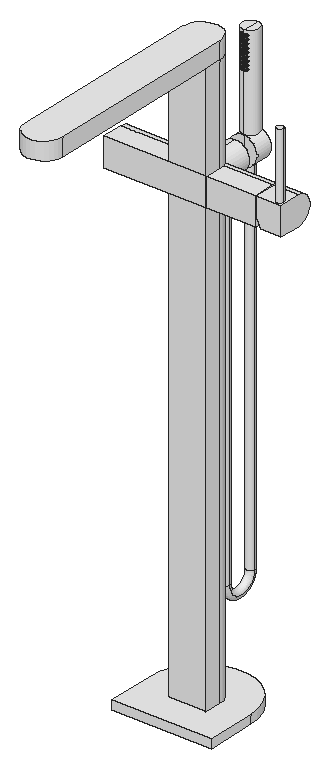
Revit family "Tub_Faucet_And_Hand_Shower-Grohe-Plus-23846_Series", category Plumbing Fixtures, Revit 2018
Family settings
  Round Connector Dimension = Use Diameter
  Part Type = Normal
  OmniClass Number = 23.45.05.14.21
  OmniClass Title = Bathtubs
  Work Plane-Based = Yes
  Always vertical = No
  Cut with Voids When Loaded = No
  Shared = Yes
  Room Calculation Point = No
Parameters (values of type "23846003")
  cUPC Compliant = yes
  Width = 6 11/16"  # constant formula
  Waste Connection = no
  WFU = 0
  Vent Connection = no
  URL = "https://www.grohe.us/"
  Tempered Water Connection Diameter = 1/2"
  Tempered Water Connection = yes
  Product Page URL = "https://www.grohe.us/Floor-Mounted-Tub-Fillers/Single-Handle-Freestanding-Tub-Faucet-with-175-GPM-Hand-Shower/GROHE-CHROME-23846003"
  Product Documentation Link = "https://americanstandard.box.com/shared/static/klulziey28aetkslzx0llehlz7ph5tbr.pdf"
  Model = "23846003"
  Minimum Operating Pressure = "15 psi (1.0 bar)"
  Material = "Metal-Grohe-001-Starlight Chrome"
  Manufacturer = "GROHE"
  Length = 11 7/8"
  Installation Type = "Surface Mounted"
  Height = 34 5/8"
  Handshower Height Constraint = if(Handshower Height < 26.69291", 26.69291", if(Handshower Height > 30.7874", 30.7874", Handshower Height))  # 26.69291"
  Handshower Height = 26.69291"
  HWFU = 3
  HW Connection = no
  Flow Rate = "1.75 gpm (6.6 l/min)"
  Finish = Metal-Grohe-001-Starlight Chrome
  Faucet Height = 33.89764"
  Description = "Plus Single-Handle Freestanding Tub Faucet with 1.75 GPM Hand Shower"
  Default Elevation = 0"
  Creation Date = "07/27/2022"  # constant formula
  Compliance Certifications = "Energy Policy Act of 1992,• NSF 61,• ASME A112.18.1/CSA B125.1\r\n• US Federal and State material regulations,• EPA WaterSense®"
  CWFU = 3
  CW Connection = no
  Assembly Code = "D2020300"
  ADA Compliant = yes
  29038001 Rough In Valve = no
  28362000 SilverFlex Shower Hose = yes
  Faucet Height Constraint = if(Faucet Height < 33.89764", 33.89764", if(Faucet Height > 37.99213", 37.99213", Faucet Height))  # 33.89764"
Types (3): name | Product Page URL | Model | Material | Finish
  (no name) | "https://www.grohe.us/Floor-Mounted-Tub-Fillers/Single-Handle-Freestanding-Tub-Faucet-with-175-GPM-Hand-Shower/GROHE-CHROME-23846003" | "23846003" | "Metal-Grohe-001-Starlight Chrome" | Metal-Grohe-001-Starlight Chrome
  23846003 | "https://www.grohe.us/Floor-Mounted-Tub-Fillers/Single-Handle-Freestanding-Tub-Faucet-with-175-GPM-Hand-Shower/GROHE-CHROME-23846003" | "23846003" | "Metal-Grohe-001-Starlight Chrome" | Metal-Grohe-001-Starlight Chrome
  23846EN3 | "https://www.grohe.us/Floor-Mounted-Tub-Fillers/Single-Handle-Freestanding-Tub-Faucet-with-175-GPM-Hand-Shower/GROHE-BRUSHED-NICKEL-23846EN3" | "23846EN3" | "Metal-Grohe-EN3-Brushed Nickel Infinity Finish" | Metal-Grohe-EN3-Brushed Nickel Infinity Finish
Reference planes (in)
  plane 1 "Center (Front/Back)": y = 0
  plane 2: z = 0
  plane 3 "Center (Left/Right)": x = 0
  plane 4: z = 0.47244
  plane 5: y = -11.10236
  plane 6: z = 33.89764
  plane 7: z = 32.91339
  plane 8: y = 3.93701
  plane 9: x = 6.54459
  plane 10: x = -4.71525
  plane 11: z = 26.69291
Forms (in)
  Extrusion 1, solid, material "Metal-Grohe-001-Starlight Chrome" <- "Finish"
    sketch origin (0.54847, 0.54847, 0) x (1, 0, 0) y (0, 1, 0)
      loop
        line (-3.34375, -3.34375) -> (2.2468, -3.34375) -> (2.2468, -0.55611)
        arc (2.2468, -0.55611) -> (-0.54847, 2.23917) -> (-3.34375, -0.55611) r 2.79528
        line (-3.34375, -0.55611) -> (-3.34375, -3.34375)
    from 0 to 0.47244
  Extrusion 2, solid, material "Metal-Grohe-001-Starlight Chrome" <- "Finish"
    sketch origin (0, 0, 0) x (1, 0, 0) y (0, 1, 0)
      loop
        arc (1.04248, 0) -> (0, 1.04248) -> (-1.04248, 0) r 1.04248
        line (-1.04248, 0) -> (-1.04248, -0.98425) -> (1.04248, -0.98425) -> (1.04248, 0)
    from 0 to 32.91339
  Extrusion 3, solid, material "Metal-Grohe-001-Starlight Chrome" <- "Finish"
    sketch origin (0, 0, 0) x (1, 0, 0) y (0, 1, 0)
      loop
        circle (0, 0) r 0.5
    from 0 to 0.0625
  Extrusion 4, solid, material "Metal-Grohe-001-Starlight Chrome" <- "Finish"
    sketch origin (0, 0, 0) x (1, 0, 0) y (0, 1, 0)
      loop
        arc (1.0387, 0) -> (-0.00377, 1.04248) -> (-1.04625, 0) r 1.04248
        line (-1.04625, 0) -> (-1.04625, -11.10236)
        arc (-1.04625, -11.10236) -> (0, -12.14861) -> (1.04625, -11.10236) r 1.04625
        line (1.04625, -11.10236) -> (1.0387, 0)
    from 32.91339 to 33.89764
Lines and regions (in)
  Masking region 1
    outline origin (0, 0, 0) x (1, 0, 0) y (0, 1, 0)
      loop
        line (-1.04625, 0) -> (-1.04625, -11.10236)
        arc (-1.04625, -11.10236) -> (0, -12.14861) -> (1.04625, -11.10236) r 1.04625
        line (1.04625, -11.10236) -> (1.0387, 0)
        arc (1.0387, 0) -> (-0.00377, 1.04248) -> (-1.04625, 0) r 1.04248
  Masking region 2
    outline origin (0, 0, 0) x (1, 0, 0) y (0, 1, 0)
      loop
        arc (2.79528, -0.00763) -> (0, 2.78764) -> (-2.79528, -0.00763) r 2.79528
        line (-2.79528, -0.00763) -> (-2.79528, -2.79528) -> (2.79528, -2.79528) -> (2.79528, -0.00763)
Dimensions and locks (in)
  plane 4 to level = 0.47244"
  locked: plane 1 "Center (Front/Back)" to plane 5 at 11.10236
  locked: Extrusion 4 sketch curve to plane 3 "Center (Left/Right)" at 1.04625
  locked: plane 6 to plane 7 at 0.98425
  locked: plane 8 to plane 1 "Center (Front/Back)" at 3.93701
  locked: plane 10 to plane 9 at 11.25984
  "Faucet Height Constraint": plane 6 to level
  "Handshower Height Constraint": plane 11 to level
  plane 6 to plane 7 = 0.98425"
  aligned and locked: plane 4 to Extrusion 1
  aligned and locked: Extrusion 1 to level
  aligned and locked: Extrusion 4 to plane 7
  aligned and locked: plane 1 "Center (Front/Back)" to Extrusion 4 sketch curve
  aligned and locked: plane 5 to Extrusion 4 sketch curve
  aligned and locked: plane 3 "Center (Left/Right)" to Extrusion 4 sketch curve
  aligned and locked: plane 1 "Center (Front/Back)" to nested 1
  aligned and locked: Masking region 1 sketch curve to Extrusion 4
  aligned and locked: plane 6 to Extrusion 4
  aligned and locked: plane 7 to Extrusion 2
  aligned and locked: plane 11 to nested 1
Automatic sketch dimensions
  Extrusion 1 sketch curve to plane 3 "Center (Left/Right)" = 0"
  plane 10 to Extrusion 1 sketch curve = 1.91998"
  plane 1 "Center (Front/Back)" to Extrusion 1 sketch curve = 2.79528"
  plane 1 "Center (Front/Back)" to Extrusion 1 sketch curve = 0.00763"
  plane 1 "Center (Front/Back)" to Extrusion 2 sketch curve = 0"
  Extrusion 2 sketch curve to plane 3 "Center (Left/Right)" = 0"
  Extrusion 2 sketch curve to plane 3 "Center (Left/Right)" = 1.04248"
  plane 1 "Center (Front/Back)" to Extrusion 2 sketch curve = 0.98425"
  Masking region 1 sketch curve to plane 3 "Center (Left/Right)" = 0"
  plane 5 to Masking region 1 sketch curve = 0"
  Masking region 2 sketch curve to plane 3 "Center (Left/Right)" = 0"
  plane 1 "Center (Front/Back)" to Masking region 2 sketch curve = 0.00763"
  plane 10 to Masking region 2 sketch curve = 1.91998"
  Masking region 2 sketch curve to Masking region 2 sketch curve = 2.78764"
  plane 1 "Center (Front/Back)" to Extrusion 3 sketch curve = 0"
  Extrusion 3 sketch curve to plane 3 "Center (Left/Right)" = 0"
  radius of Extrusion 3 sketch curve = 1/2"
Nested families (in)
  nested 1: "23846" at (0, 0, 0.07874), Finish <- "Finish", visible <- "28362000 SilverFlex Shower Hose", type "23846003"
    with Finish Metal-Grohe-001-Starlight Chrome
Connectors (in)
  piping at (0, 0, 0), diameter 0.5, driven by "Tempered Water Connection Diameter"
    settings: on Extrusion 3, index 1, connector inside diameter 24", connector length 0", flow factor 0, pipe flow 0 GPM, pressure drop 0.00 psi, fitting loss kfactor 0, connector angle 0.00°, fixture units 0, engagement length 0", angle of deflection 0.00°, flow configuration 0, flow direction 1, fitting loss method 0, system type 29, joint type 0, gender type 0, connector reference index -1, connector utility 0, adjustable connector no, is connector primary yes, connector description "1/2\" OD Inlet Connection"
Definition of nested family "23846"
  Parameters (values of type "23846003")
    cUPC Compliant = yes
    Width = 6 11/16"  # constant formula
    Waste Connection = no
    WFU = 0
    Vent Connection = no
    URL = "https://www.grohe.us/"
    Tempered Water Connection Diameter = 1/2"
    Tempered Water Connection = yes
    Product Page URL = "https://www.grohe.us/Floor-Mounted-Tub-Fillers/Single-Handle-Freestanding-Tub-Faucet-with-175-GPM-Hand-Shower/GROHE-CHROME-23846003"
    Product Documentation Link = "https://americanstandard.box.com/shared/static/klulziey28aetkslzx0llehlz7ph5tbr.pdf"
    Model = "23846003"
    Minimum Operating Pressure = "15 psi (1.0 bar)"
    Material = "Metal-Grohe-001-Starlight Chrome"
    Manufacturer = "GROHE"
    Length = 11 7/8"
    Installation Type = "Surface Mounted"
    Height = 34 5/8"
    HWFU = 3
    HW Connection = no
    Flow Rate = "1.75 gpm (6.6 l/min)"
    Finish [instance] = none
    Description = "Plus Single-Handle Freestanding Tub Faucet with 1.75 GPM Hand Shower"
    Default Elevation = 0"
    Creation Date = "07/27/2022"  # constant formula
    Compliance Certifications = "• Energy Policy Act of 1992,• NSF 61,• ASME A112.18.1/CSA B125.1\r\n• US Federal and State material regulations,• EPA WaterSense®"
    CWFU = 3
    CW Connection = no
    Assembly Code = "D2020300"
    ADA Compliant = yes
    29038001 Rough In Valve = yes
    28362000 SilverFlex Shower Hose = yes
    2 = 33.89764"
  Reference planes (in)
    plane 1 "Center (Front/Back)": y = 0
    plane 2: z = 0
    plane 3 "Center (Left/Right)": x = 0
    plane 4: z = 0.47244
    plane 5: y = -11.10236
    plane 6: z = 33.89764
    plane 7: z = 32.91339
    plane 8: y = 3.93701
    plane 9: x = 6.54459
    plane 10: x = -4.71525
    plane 11: z = 26.61417
  Forms (in)
    Revolve 1, solid, material <- "Finish"
      sketch origin (0, -0.14764, 0) x (0, 1, 0) y (0, 0, 1)
        loop
          line (1.8185, 25.35366) -> (2.19164, 25.35366) -> (2.23349, 25.3955) -> (2.23349, 25.62072) -> (2.17553, 25.65418) -> (2.17553, 25.70299) -> (2.27248, 25.70299) -> (2.27248, 26.28262) -> (1.8185, 26.28262) -> (1.8185, 25.35366)
        axis (1.8185, 25.35366) -> (1.8185, 26.28262)
      angle from 0 to 360
    Extrusion 2, solid, material <- "Finish"
      sketch origin (0, 0, 0) x (0, 1, 0) y (0, 0, 1)
        loop
          line (-0.98425, 27.40157) -> (-0.98425, 25.82677) -> (0.22551, 25.82677)
          arc (0.22551, 25.82677) -> (1.01291, 26.61417) -> (0.22551, 27.40157) r 0.7874
          line (0.22551, 27.40157) -> (-0.98425, 27.40157)
      from -4.71525 to 3.83391
    Extrusion 3, solid, material <- "Finish"
      sketch origin (0, 0, 0) x (0, 1, 0) y (0, 0, 1)
        loop
          line (0.22551, 27.40157) -> (-0.98425, 27.40157) -> (-0.98425, 25.82677) -> (0.22551, 25.82677)
          arc (0.22551, 25.82677) -> (1.01291, 26.61417) -> (0.22551, 27.40157) r 0.7874
      from 3.83391 to 5.28229
    Extrusion 4, solid, material <- "Finish"
      sketch origin (0, 0, 0) x (1, 0, 0) y (0, 1, 0)
        loop
          circle (4.94511, -0.65609) r 0.19685
      from 27.40157 to 31.08636
    Revolve 5, solid, material <- "Finish"
      sketch origin (0, 0, 0) x (0, 1, 0) y (0, 0, 1)
        loop
          line (0.7874, 26.61417) -> (3.93701, 26.61417) -> (3.93701, 27.40157) -> (2.95276, 27.40157) -> (2.95276, 26.81102) -> (2.37302, 26.81102) -> (2.37302, 27.40157) -> (0.7874, 27.40157) -> (0.7874, 26.61417)
        axis (3.93701, 26.61417) -> (0.7874, 26.61417)
      angle from 0 to 360
    Revolve 6, solid, material <- "Finish"
      sketch origin (0, 0.04921, 0) x (0, 1, 0) y (0, 0, 1)
        loop
          line (3.41323, 32.68962) -> (3.41323, 27.21802) -> (3.57582, 27.21802) -> (3.57582, 27.4271) -> (3.8878, 27.4271) -> (3.8878, 32.68962) -> (3.41323, 32.68962)
        axis (3.41323, 27.21802) -> (3.41323, 32.68962)
      angle from 0 to 360
    Sweep 7, solid, material <- "Finish"
      path origin (0, 0, 0) x (0, 1, 0) y (0, 0, 1)
        loop
          line (1.67086, 25.35366) -> (1.67086, 5.322)
          arc (1.67086, 5.322) -> (2.5681, 4.42476) -> (3.46534, 5.322) r 0.89724
          line (3.46534, 5.322) -> (3.46534, 25.80776)
      profile origin (0, 1.67086, 15.33783) x (1, 0, 0) y (0, 1, 0)
        loop
          circle (0, 0) r 0.23622
    Extrusion 8, solid
      sketch origin (0, 0, 0) x (1, 0, 0) y (0, 0, 1)
        loop
          circle (-0.12757, 32.44621) r 0.07874
        loop
          circle (0.12757, 32.44621) r 0.07874
        loop
          circle (-0.12757, 32.23072) r 0.07874
        loop
          circle (0.12757, 32.23072) r 0.07874
        loop
          circle (-0.12757, 32.01523) r 0.07874
        loop
          circle (0.12757, 32.01523) r 0.07874
        loop
          circle (-0.12757, 31.79974) r 0.07874
        loop
          circle (0.12757, 31.79974) r 0.07874
        loop
          circle (-0.12757, 31.58425) r 0.07874
        loop
          circle (0.12757, 31.58425) r 0.07874
        loop
          circle (-0.12757, 32.44621) r 0.03231
        loop
          circle (0.12757, 32.44621) r 0.03231
        loop
          circle (-0.12757, 32.23072) r 0.03231
        loop
          circle (0.12757, 32.23072) r 0.03231
        loop
          circle (-0.12757, 32.01523) r 0.03231
        loop
          circle (0.12757, 32.01523) r 0.03231
        loop
          circle (-0.12757, 31.79974) r 0.03231
        loop
          circle (0.12757, 31.79974) r 0.03231
        loop
          circle (-0.12757, 31.58425) r 0.03231
        loop
          circle (0.12757, 31.58425) r 0.03231
        loop
          circle (-0.12757, 31.36876) r 0.07874
        loop
          circle (0.12757, 31.36876) r 0.07874
        loop
          circle (-0.12757, 31.15327) r 0.07874
        loop
          circle (0.12757, 31.15327) r 0.07874
        loop
          circle (-0.12757, 30.93778) r 0.07874
        loop
          circle (0.12757, 30.93778) r 0.07874
        loop
          circle (-0.12757, 30.72229) r 0.07874
        loop
          circle (0.12757, 30.72229) r 0.07874
        loop
          circle (-0.12757, 31.36876) r 0.03231
        loop
          circle (0.12757, 31.36876) r 0.03231
        loop
          circle (-0.12757, 31.15327) r 0.03231
        loop
          circle (0.12757, 31.15327) r 0.03231
        loop
          circle (-0.12757, 30.93778) r 0.03231
        loop
          circle (0.12757, 30.93778) r 0.03231
        loop
          circle (-0.12757, 30.72229) r 0.03231
        loop
          circle (0.12757, 30.72229) r 0.03231
      from -3.48881 to -2.98531
    Extrusion 9, void
      sketch origin (0, 0, 0) x (1, 0, 0) y (0, 0, 1)
        loop
          line (3.83391, 25.82677) -> (4.10929, 25.82677) -> (3.83391, 26.41732) -> (3.83391, 25.82677)
      from 0 to 1.05559
  Cuts and joins
    Extrusion 9 cuts Extrusion 3
  Lines and regions (in)
    Masking region 1
      outline origin (0, 0, 0) x (1, 0, 0) y (0, 1, 0)
        loop
          line (-0.7874, 3.93701) -> (-0.7874, 2.95276) -> (-0.23793, 2.95276) -> (-0.23793, 2.37302) -> (-0.77824, 2.37302) -> (-0.77824, 1.01291) -> (-4.71525, 1.01291) -> (-4.71525, -0.98425) -> (5.28229, -0.98425) -> (5.28229, 1.01321) -> (0.7874, 1.01321) -> (0.7874, 2.37302) -> (0.23793, 2.37302) -> (0.23793, 2.95276) -> (0.7874, 2.95276) -> (0.7874, 3.93701) -> (-0.7874, 3.93701)
    symbolic lines, detail levels medium+fine
      curve 1: line (-0.7874, 2.95276, 0) -> (0.23793, 2.95276, 0)
      curve 2: line (-0.7874, 2.37302, 0) -> (0.23793, 2.37302, 0)
      curve 3: line (-0.77824, 1.01291, 0) -> (0.79656, 1.01291, 0)
  Dimensions and locks (in)
    plane 4 to level = 0.47244"
    locked: plane 1 "Center (Front/Back)" to plane 5 at 11.10236
    locked: plane 6 to plane 7 at 0.98425
    locked: plane 8 to plane 1 "Center (Front/Back)" at 3.93701
    locked: plane 10 to plane 9 at 11.25984
    locked: Extrusion 4 sketch curve to plane 1 "Center (Front/Back)" at 0.65609
    "2": plane 6 to level
    aligned and locked: Extrusion 2 to plane 10
    aligned and locked: Extrusion 3 sketch curve to Extrusion 2  (x3)
    aligned and locked: Extrusion 3 to Extrusion 2
    aligned and locked: plane 11 to Revolve 5 sketch curve
  Automatic sketch dimensions
    Revolve 1 sketch curve to plane 1 "Center (Front/Back)" = 1.67086"
    Revolve 1 sketch curve to Revolve 1 sketch curve = 0.35704"
    Revolve 1 sketch curve to Revolve 1 sketch curve = 0.01611"
    Revolve 1 sketch curve to Revolve 1 sketch curve = 0.05796"
    Revolve 1 sketch curve to Revolve 1 sketch curve = 0.03899"
    Revolve 1 sketch curve to plane 11 = 1.26052"
    Revolve 1 sketch curve to Revolve 1 sketch curve = 0.04185"
    Revolve 1 sketch curve to Revolve 1 sketch curve = 0.22521"
    Revolve 1 sketch curve to Revolve 1 sketch curve = 0.03346"
    Revolve 1 sketch curve to Revolve 1 sketch curve = 0.08227"
    Revolve 1 sketch curve to plane 11 = 0.33155"
    Revolve 1 sketch curve to Revolve 1 sketch curve = 0"
    Revolve 1 sketch curve to Revolve 1 sketch curve = 0.13566"
    Revolve 1 sketch curve to plane 11 = 0.01305"
    Extrusion 2 sketch curve to plane 11 = 0"
    plane 1 "Center (Front/Back)" to Extrusion 2 sketch curve = 0.98425"
    Extrusion 2 sketch curve to plane 1 "Center (Front/Back)" = 0.22551"
    Extrusion 2 sketch curve to Extrusion 2 sketch curve = 0.7874"
    Extrusion 4 sketch curve to plane 9 = 1.59948"
    Revolve 5 sketch curve to plane 11 = 0"
    Revolve 5 sketch curve to plane 8 = 0"
    plane 8 to Revolve 5 sketch curve = 0.98425"
    plane 11 to Revolve 5 sketch curve = 0.19685"
    Revolve 5 sketch curve to Revolve 5 sketch curve = 0.57974"
    Revolve 5 sketch curve to plane 1 "Center (Front/Back)" = 0.7874"
    Revolve 5 sketch curve to Revolve 5 sketch curve = 0.7874"  (x2)
    plane 1 "Center (Front/Back)" to Revolve 5 sketch curve = 3.14961"
    Revolve 5 sketch curve to plane 8 = 1.77165"
    Sweep 7 sketch curve to plane 1 "Center (Front/Back)" = 1.67086"
    Sweep 7 sketch curve to Sweep 7 sketch curve = 0.89724"
    plane 4 to Sweep 7 sketch curve = 4.84956"
    Sweep 7 sketch curve to plane 11 = 1.26052"
    Sweep 7 sketch curve to plane 11 = 0.80642"
    Sweep 7 sketch curve to plane 3 "Center (Left/Right)" = 0"
    profile plane to Sweep 7 sketch curve = 0"
    Extrusion 8 sketch curve to Extrusion 8 sketch curve = 0"  (x37)
    Extrusion 8 sketch curve to plane 3 "Center (Left/Right)" = 0.12757"  (x9)
    plane 3 "Center (Left/Right)" to Extrusion 8 sketch curve = 0.12757"  (x9)
    Extrusion 8 sketch curve to plane 7 = 2.1911"
    Extrusion 8 sketch curve to Extrusion 8 sketch curve = 0.21549"  (x16)
    Extrusion 9 sketch curve to plane 11 = 0.19685"
    Extrusion 9 sketch curve to plane 9 = 2.71068"
    Extrusion 9 sketch curve to Extrusion 9 sketch curve = 0.27538"
    Extrusion 9 sketch curve to Extrusion 9 sketch curve = 0.59055"
    Revolve 6 sketch curve to plane 8 = 0"
    Revolve 6 sketch curve to Revolve 6 sketch curve = 0.31197"
    Revolve 6 sketch curve to Revolve 6 sketch curve = 0.16259"
    plane 11 to Revolve 6 sketch curve = 0.60385"
    Revolve 6 sketch curve to Revolve 6 sketch curve = 0.20908"
    Revolve 6 sketch curve to plane 7 = 0.22377"
    Revolve 6 sketch curve to Revolve 6 sketch curve = 0"  (x2)
    Revolve 6 sketch curve to Revolve 6 sketch curve = 0.15664"
    Masking region 1 sketch curve to plane 10 = 0"
    plane 8 to Masking region 1 sketch curve = 0"
    Masking region 1 sketch curve to plane 3 "Center (Left/Right)" = 0.7874"
    Masking region 1 sketch curve to plane 3 "Center (Left/Right)" = 0.77824"
    Masking region 1 sketch curve to plane 3 "Center (Left/Right)" = 0.23793"
    plane 3 "Center (Left/Right)" to Masking region 1 sketch curve = 0.23793"
    Masking region 1 sketch curve to Masking region 1 sketch curve = 0.54947"
    plane 3 "Center (Left/Right)" to Masking region 1 sketch curve = 0.7874"
    Masking region 1 sketch curve to plane 9 = 1.2623"
    plane 8 to Masking region 1 sketch curve = 0.98425"
    Masking region 1 sketch curve to Masking region 1 sketch curve = 0.98425"
    Masking region 1 sketch curve to Masking region 1 sketch curve = 0.57974"
    Masking region 1 sketch curve to Masking region 1 sketch curve = 0"
    Masking region 1 sketch curve to plane 1 "Center (Front/Back)" = 1.01291"
    Masking region 1 sketch curve to plane 1 "Center (Front/Back)" = 1.01321"
    plane 1 "Center (Front/Back)" to Masking region 1 sketch curve = 0.98425"
    curve 2 to plane 3 "Center (Left/Right)" = 0.7874"
    curve 3 to plane 1 "Center (Front/Back)" = 1.01291"
    curve 1 to curve 2 = 0"
    curve 3 to plane 3 "Center (Left/Right)" = 0.77824"
    plane 3 "Center (Left/Right)" to curve 2 = 0.23793"
    plane 3 "Center (Left/Right)" to curve 1 = 0.23793"
    plane 3 "Center (Left/Right)" to curve 3 = 0.79656"
    curve 3 to curve 2 = 1.3601"
    curve 2 to curve 1 = 0.57974"
    radius of Extrusion 4 sketch curve = 0.19685"
    radius of Sweep 7 sketch curve = 0.23622"
    radius of Extrusion 8 sketch curve = 0.07874"  (x18)
    radius of Extrusion 8 sketch curve = 0.03231"  (x18)
